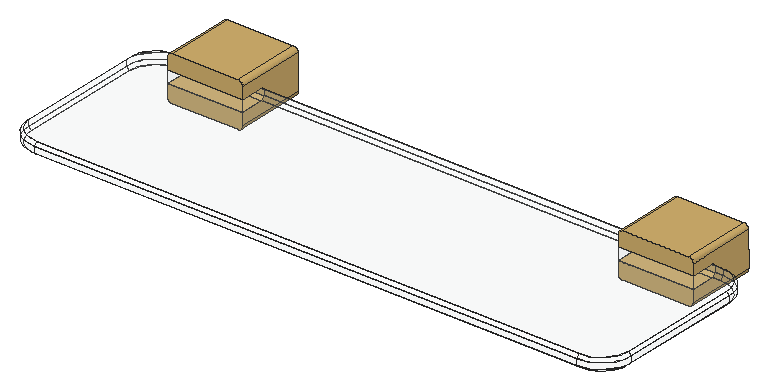
Revit family "RBA1631-506", category Plumbing Fixtures, Revit 2021
Family settings
  Round Connector Dimension = Use Diameter
  Part Type = Normal
  Work Plane-Based = No
  Always vertical = Yes
  Cut with Voids When Loaded = No
  Shared = Yes
  Room Calculation Point = No
Parameters
  Watermarked By = "www.rba.com.au"
  Waste Connection = yes
  Vent Connection = yes
  URL = ""
  Phone Number = ""
  Modified Issue = ""
  Model = "RBA1631-506"
  Materials and Finishes = PVD Brushed Brass Bracket, Frosted Acrylic Shelf
  Manufacturer Model = ""
  Manufacturer = "RBA Group"  # constant formula
  HW Connection = yes
  Description = "ënda Accessible Compliant Shelf | PVD Brushed Brass"
  Default Elevation = 0 mm
  Copyright by = "RBA Group"  # constant formula
  CW Connection = yes
Reference planes
  plane 1 "Center (Front/Back)": y = 0
  plane 2: z = 0
  plane 3 "Center (Left/Right)": x = 0
  plane 4: x = -141.15
  plane 5: x = -153.85
  plane 6: y = 147
Forms (mm)
  Extrusion 1, solid, material "Glass"
    sketch origin (0, 0, 95) x (1, 0, 0) y (0, 1, 0)
      loop
        arc (-177.5, 120) -> (-191.642, 114.142) -> (-197.5, 100) r 20
        line (-197.5, 100) -> (-197.5, 20)
        arc (-197.5, 20) -> (-191.642, 5.858) -> (-177.5, 0) r 20
        line (-177.5, 0) -> (177.5, 0)
        arc (177.5, 0) -> (191.642, 5.858) -> (197.5, 20) r 20
        line (197.5, 20) -> (197.5, 100)
        arc (197.5, 100) -> (191.642, 114.142) -> (177.5, 120) r 20
        line (177.5, 120) -> (-177.5, 120)
    from -99 to -91
  Sweep 2, void
    path origin (0, 0, 0) x (1, 0, 0) y (0, 1, 0)
      loop
        line (177.5, 120) -> (-177.5, 120)
        arc (-177.5, 120) -> (-191.642, 114.142) -> (-197.5, 100) r 20
        line (-197.5, 100) -> (-197.5, 20)
        arc (-197.5, 20) -> (-191.642, 5.858) -> (-177.5, 0) r 20
        line (-177.5, 0) -> (177.5, 0)
        arc (177.5, 0) -> (191.642, 5.858) -> (197.5, 20) r 20
        line (197.5, 20) -> (197.5, 100)
        arc (197.5, 100) -> (191.642, 114.142) -> (177.5, 120) r 20
    profile origin (0, 120, 0) x (0, -1, 0) y (0, 0, 1)
      loop
        line (2, 4) -> (-2.03, 4) -> (-2.03, -4) -> (2, -4) -> (0, -2) -> (0, 2) -> (2, 4)
  Extrusion 3, solid, material "PVD Brushed Brass Bracket, Frosted Acrylic Shelf" <- "Materials and Finishes"
    sketch origin (0, 0, 0) x (1, 0, 0) y (0, 0, 1)
      loop
        line (-126, 14.5) -> (-169, 14.5)
        arc (-169, 14.5) -> (-171.121, 13.621) -> (-172, 11.5) r 3
        line (-172, 11.5) -> (-172, -11.5)
        arc (-172, -11.5) -> (-171.121, -13.621) -> (-169, -14.5) r 3
        line (-169, -14.5) -> (-126, -14.5)
        arc (-126, -14.5) -> (-123.879, -13.621) -> (-123, -11.5) r 3
        line (-123, -11.5) -> (-123, 11.5)
        arc (-123, 11.5) -> (-123.879, 13.621) -> (-126, 14.5) r 3
    from -147 to -102
  Extrusion 4, solid, material "PVD Brushed Brass Bracket, Frosted Acrylic Shelf" <- "Materials and Finishes"
    sketch origin (0, 0, 0) x (-1, 0, 0) y (0, 0, -1)
      loop
        arc (-126, -14.5) -> (-123.879, -13.621) -> (-123, -11.5) r 3
        line (-123, -11.5) -> (-123, 11.5)
        arc (-123, 11.5) -> (-123.879, 13.621) -> (-126, 14.5) r 3
        line (-126, 14.5) -> (-169, 14.5)
        arc (-169, 14.5) -> (-171.121, 13.621) -> (-172, 11.5) r 3
        line (-172, 11.5) -> (-172, -11.5)
        arc (-172, -11.5) -> (-171.121, -13.621) -> (-169, -14.5) r 3
        line (-169, -14.5) -> (-126, -14.5)
    from -147 to -102
  Extrusion 5, void
    sketch origin (0, 0, 0) x (0, 1, 0) y (0, 0, 1)
      loop
        line (118, 4) -> (102, 4) -> (102, -4) -> (118, -4) -> (120, -2) -> (120, 2) -> (118, 4)
    from -172 to -123
  Extrusion 6, void
    sketch origin (145, 0, 0) x (0, 1, 0) y (0, 0, 1)
      loop
        line (118, 4) -> (102, 4) -> (102, -4) -> (118, -4) -> (120, -2) -> (120, 2) -> (118, 4)
    from -22 to 27
Cuts and joins
  Extrusion 5, Extrusion 6 cuts Extrusion 3
  Extrusion 6 cuts Extrusion 4
  joined: Extrusion 3, Extrusion 4
  Sweep 2, Extrusion 5, Extrusion 6 cuts Extrusion 1
Dimensions and locks
  aligned and locked: plane 2 to level
